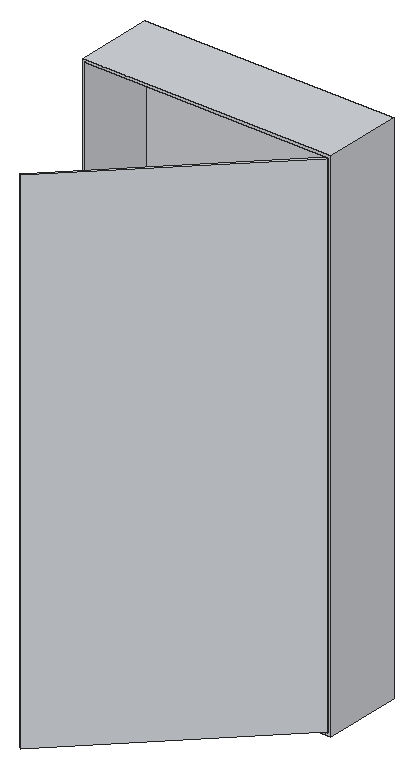
Revit family "Hager-Volta-IP30-Surface_mounted-leer-NoHosted-DE-de", category Electrical Equipment, Revit 2020
Family settings
  Panel Configuration = Two Columns, Circuits Across
  Round Connector Dimension = Use Diameter
  Part Type = Panelboard
  Work Plane-Based = Yes
  Always vertical = Yes
  Cut with Voids When Loaded = No
  Shared = No
  Room Calculation Point = No
Parameters (values of type "Aufputz IP30 B305 H640 T96.5 12 Teilungseinheiten - VA48WWH")
  Width Control [instance] = if([HG000006 - Unterputz], if([EF000846 - Einbaubreite] > min_whd, [EF000846 - Einbaubreite], min_whd), if([EF000008 - Breite] > min_whd, ([EF000008 - Breite]), min_whd))  # 305 mm
  Void Depth [instance] = if([EF000218 - Einbautiefe] > 1 mm, [EF000218 - Einbautiefe], 1 mm)  # 1 mm
  Type Comments = [HG000003 - Bereich]  # "Volta"
  System Height [instance] = Height Control - 2 * [HG000005 - Dicke]  # 634 mm
  Panel Name [instance] = ""  # (empty or 0)
  Offset [instance] = 0 mm
  Model = [HG000004 - Herstellerreferenz]  # "VA48WWH"
  Level Offset [instance] = [Flush Mounted - Door Frame Width] + Offset  # 0 mm
  HG000017 - Distanz zwischen den Polen = 18 mm
  HG000016 - 3D-Türsichtbarkeit [instance] = yes
  HG000015 - Sichtbarkeit der Türöffnung [instance] = no
  HG000014 - Tür rechts [instance] = yes
  HG000013 - Tür links [instance] = not([HG000014 - Tür rechts])  # no
  HG000012 - Türschwenkwinkel [instance] = 45.00°
  HG000011 - Leere Reihen von unten = no
  HG000010 - Asymmetrische Türen = no
  HG000009 - Doppelflügeligen Tür = no
  HG000008 - Anzahl der leeren Reihen = 0
  HG000007 - Anzahl der leeren Spalten = 0
  HG000006 - Unterputz = no
  HG000005 - Dicke = 3 mm  # constant formula
  HG000004 - Herstellerreferenz = "VA48WWH"
  HG000003 - Bereich = "Volta"
  HG000002 - Mit tür = yes
  HG000001 - Anzahl der Spalten = 0
  EF015941 - Signaldurchlassende Tür = no
  EF015777 - Neutralleiterklemmenblock = no
  EF015776 - Erdungsklemmenblock = no
  EF009212 - Ausführung Deckel = "EV009916 - mit Ausschnitt"
  EF006306 - Mit Schloss = no
  EF006244 - Transparenter Deckel/Tür = no
  EF005474 - Schutzart (IP) = "EV006410 - IP30"
  EF004462 - Art der Schließung = "EV000154 - sonstige"
  EF002950 - Breite in Teilungseinheiten = 12
  EF001596 - Werkstoff des Gehäuses = "EV000154 - sonstige"
  EF001134 - DIN-Schiene = yes
  EF001131 - Innentiefe = 92 mm
  EF001088 - Anbaumöglichkeit = yes
  EF001062 - EMV-Ausführung = no
  EF000846 - Einbaubreite = 0 mm
  EF000339 - Art der Abdeckung = "EV004216 - Tür"
  EF000332 - Einbauhöhe = 0 mm
  EF000266 - Anzahl der Reihen = 0
  EF000218 - Einbautiefe = 0 mm
  EF000118 - Mit Montageplatte = yes
  EF000116 - RAL-Nummer = "9010"
  EF000049 - Tiefe = 96 mm
  EF000040 - Höhe = 640 mm
  EF000008 - Breite = 305 mm
  EF000007 - Farbe = "EV000202 - weiß"
  EF000003 - Montageart = "EV000384 - Aufputz"
  Description = ""
  Default Elevation = 1219.2 mm
  Arrow Offset [instance] = Depth Control / 8  # 12 mm
  Arrow Height [instance] = Depth Control - Arrow Offset  # 84 mm
  Host Offset [instance] = if([HG000006 - Unterputz], 0 mm, [EF000049 - Tiefe])  # 96 mm
  min_whd [instance] = (2 * [HG000005 - Dicke]) + 1 mm  # 7 mm
  Manufacturer = "Hager"  # constant formula
  Height Control [instance] = if([HG000006 - Unterputz], if([EF000332 - Einbauhöhe] > min_whd, [EF000332 - Einbauhöhe], min_whd), if([EF000040 - Höhe] > min_whd, ([EF000040 - Höhe]), min_whd))  # 640 mm
  Flush Mounted - Door Frame Width [instance] = if(([EF000040 - Höhe] - [EF000332 - Einbauhöhe]) > 0 mm, if([HG000006 - Unterputz], [EF000040 - Höhe] - [EF000332 - Einbauhöhe], 0 mm), 0 mm)  # 0 mm
  Depth Control [instance] = if([HG000006 - Unterputz], if([EF000218 - Einbautiefe] > 0 mm, [EF000218 - Einbautiefe], 1 mm), if([EF000049 - Tiefe] > 0 mm, ([EF000049 - Tiefe]), 1 mm))  # 96 mm
Types (4, lengths in mm): name | System Height | Model | HG000004 - Herstellerreferenz | EF000040 - Höhe | Height Control
  Aufputz IP30 B305 H515 T96.5 12 Teilungseinheiten - VA36NW | 509 | "VA36NW" | "VA36NW" | 515 | 515
  Aufputz IP30 B305 H515 T96.5 12 Teilungseinheiten - VA36WWH | 509 | "VA36WWH" | "VA36WWH" | 515 | 515
  Aufputz IP30 B305 H640 T96.5 12 Teilungseinheiten - VA48NW | 634 | "VA48NW" | "VA48NW" | 640 | 640
  Aufputz IP30 B305 H640 T96.5 12 Teilungseinheiten - VA48WWH | 634 | "VA48WWH" | "VA48WWH" | 640 | 640
Reference planes
  plane 1 "Center (Front/Back)": y = 0
  plane 2: z = 0
  plane 3 "Center (Left/Right)": x = 0
  plane 4: y = 3
  plane 5: y = 0
  plane 6: y = 0
  plane 7: z = 0
  plane 8: x = -152.5
  plane 9: x = 152.5
  plane 10: x = 149.5
  plane 11: x = -149.5
  plane 12: z = 0
  plane 13: z = 3
  plane 14: y = -91
  plane 15: y = -96
  plane 16: y = -3
  plane 17: z = 637
  plane 18: z = 640
  plane 19: z = 320
  plane 20: x = 0
  plane 21: y = -100
Forms (mm)
  Extrusion 1, solid
    sketch origin (-208.679, -4572, 0) x (-1, 0, 0) y (0, -1, 0)
      loop
        line (-56.179, -4476) -> (-361.179, -4476) -> (-361.179, -4572) -> (-56.179, -4572) -> (-56.179, -4476)
    from 0 to 640 <- "Height Control"
  Extrusion 2, void
    sketch origin (-350.771, -96, 1219.2) x (1, 0, 0) y (0, 0, 1)
      loop
        line (201.271, -582.2) -> (201.271, -1216.2) -> (500.271, -1216.2) -> (500.271, -582.2) -> (201.271, -582.2)
    from 0 to -93
  Extrusion 3, solid, detail levels coarse+medium
    sketch origin (-350.771, -96, 1219.2) x (-1, 0, 0) y (0, 0, 1)
      loop
        line (-201.271, -582.2) -> (-500.271, -582.2) -> (-500.271, -1216.2) -> (-201.271, -1216.2) -> (-201.271, -582.2)
    from 0 to 3 <- "HG000005 - Dicke"
Cuts and joins
  Extrusion 2 cuts Extrusion 1
Dimensions and locks
  "Flush Mounted - Door Frame Width": plane 1 "Center (Front/Back)" to plane 6
  "HG000005 - Dicke": plane 4 to plane 6
  "HG000005 - Dicke": plane 8 to plane 11
  "HG000005 - Dicke": plane 9 to plane 10
  equal spacing: plane 8, plane 3 "Center (Left/Right)", plane 9
  "Width Control": plane 8 to plane 9
  locked: plane 14 to plane 15 at 5
  "Host Offset": plane 1 "Center (Front/Back)" to plane 15
  "Depth Control": plane 5 to plane 15
  "HG000005 - Dicke": plane 5 to plane 16
  "HG000005 - Dicke": plane 13 to plane 12
  "Level Offset": plane 12 to level
  "HG000005 - Dicke": plane 18 to plane 17
  "Height Control": plane 18 to plane 12
  "Arrow Offset": plane 5 to nested 4
  equal spacing: plane 18, plane 19, plane 12
  locked: connector elem to plane 19
  locked: connector elem to plane 3 "Center (Left/Right)"
  aligned and locked: nested 1 to plane 14
  aligned and locked: plane 3 "Center (Left/Right)" to nested 1
  aligned and locked: plane 3 "Center (Left/Right)" to nested 2
  aligned and locked: nested 2 to plane 15
  aligned and locked: plane 5 to Extrusion 1
  aligned and locked: Extrusion 3 sketch curve to plane 17
  aligned and locked: Extrusion 3 sketch curve to plane 11
  aligned and locked: plane 13 to Extrusion 3 sketch curve
  aligned and locked: Extrusion 3 sketch curve to plane 10
  aligned and locked: plane 13 to Extrusion 2 sketch curve
  aligned and locked: Extrusion 2 sketch curve to plane 10
  aligned and locked: Extrusion 2 sketch curve to plane 17
  aligned and locked: Extrusion 2 sketch curve to plane 11
  aligned and locked: plane 16 to Extrusion 2
  aligned and locked: plane 5 to Extrusion 1 sketch curve
  aligned and locked: plane 9 to Extrusion 1 sketch curve
  aligned and locked: plane 8 to Extrusion 1 sketch curve
  aligned and locked: plane 8 to nested 4
  aligned and locked: plane 8 to nested 3
  aligned and locked: nested 3 to plane 5
  aligned and locked: Extrusion 1 sketch curve to plane 15
  aligned and locked: Extrusion 2 to plane 15
Nested families
  nested 1: "Hager_Enclosure_System" at (0, -91, 3), Flush_Mounted <- "HG000006 - Unterputz", Width <- "EF000008 - Breite", Height <- "System Height", Width_Control <- "Width Control", Row_Module_Multiplicator <- "EF002950 - Breite in Teilungseinheiten", Empty_Columns <- "HG000007 - Anzahl der leeren Spalten", Built-in_Width <- "EF000846 - Einbaubreite", Border <- "HG000005 - Dicke", Total_No_Empty_Rows <- "HG000008 - Anzahl der leeren Reihen", Depth <- "HG000005 - Dicke", Empty_Rows_From_Bottom <- "HG000011 - Leere Reihen von unten", Distance_Between_Poles <- "HG000017 - Distanz zwischen den Polen", Rows_Count <- "EF000266 - Anzahl der Reihen", Columns_Count <- "HG000001 - Anzahl der Spalten", type "Hager_Enclosure_System", detail levels medium+fine
    with Width_Control 305 mm, Width 305 mm, Total_No_Rows 0, Total_No_Empty_Rows 0, Total_No_Columns 1, System_Width 299 mm, Rows_Count 0, Rows_Column 0, Row_Module_Multiplicator 12, Panel_4 no, Panel_3 no, Panel_2 no, Panel_1 no, No_Panels_Ctrl 1, Hide_Columns yes, Height 634 mm, Flush_Mounted no, Empty_Rows_From_Bottom no, Empty_Rows_Column 0, Empty_Columns 0, Distance_Between_Poles 18 mm, Depth 3 mm, Columns_Count 0, Column_Width 299 mm, Built-in_Width 0 mm, Border 3 mm
  nested 2: "Hager_Enclosure_Door" at (0, -96, 0), Double <- "HG000009 - Doppelflügeligen Tür", Height_Ctrl <- "Height Control", Transparent <- "EF006244 - Transparenter Deckel/Tür", Depth <- "EF000049 - Tiefe", Height <- "EF000040 - Höhe", Angle <- "HG000012 - Türschwenkwinkel", Door_Right <- "HG000014 - Tür rechts", Assymetrical <- "HG000010 - Asymmetrische Türen", Flush_Mounted <- "HG000006 - Unterputz", BuiltIn_Depth <- "EF000218 - Einbautiefe", BuiltIn_Width <- "EF000846 - Einbaubreite", Door <- "HG000002 - Mit tür", Width_Ctrl <- "Width Control", 3d_Door <- "HG000016 - 3D-Türsichtbarkeit", Width <- "EF000008 - Breite", Border <- "HG000005 - Dicke", BuiltIn_Height <- "EF000332 - Einbauhöhe", Clearance <- "HG000015 - Sichtbarkeit der Türöffnung", Door_Left <- "HG000013 - Tür links", type "Hager_Enclosure_Door", detail levels medium+fine
    with min_wh 7 mm, Width_Ctrl 305 mm, Width 305 mm, Transparent_Door_No_Bottom_Border no, Transparent no, Leaf_Width 296 mm, Leaf_Tolerance 1.5 mm, Leaf_Height 631 mm, Leaf_2_Width 296 mm, Leaf_2_Offset 148 mm, Leaf_1_Width 296 mm, Leaf_1_Offset 148 mm, Height_Ctrl 640 mm, Height 640 mm, Frame_Width_Ctrl 305 mm, Frame_Width 305 mm, Frame_Internal_Offset 0 mm, Frame_Height_Ctrl 640 mm, Frame_Height 640 mm, Frame_Depth_Ctrl 1 mm, Frame_Depth 0 mm, Flush_Mounted no, Double_Clearance_Ctrl no, Double no, Door_Right_Ctrl yes, Door_Right yes, Door_Left_Ctrl no, Door_Left no, Door yes, Depth 96 mm, Clearance_Depth 296 mm, Clearance_Ctrl no, Clearance no, BuiltIn_Width 0 mm, BuiltIn_Height 0 mm, BuiltIn_Depth 0 mm, Border 3 mm, Assymetrical no, Angle 45.00°, 3d_Door yes
  nested 3: "Hager_Enclosure_Symbol_Triangle" at (-152.5, 0, 0), Depth <- "Depth Control", Width <- "Width Control", type "Hager_Enclosure_Symbol_Triangle"
    with Width_Ctrl 305 mm, Width 305 mm, Depth_Ctrl 96 mm, Depth 96 mm
  nested 4: "Hager_Enclosure_Symbol_Arrow" at (-152.5, -12, 0), Height <- "Arrow Height", type "Hager_Enclosure_Symbol_Arrow"
    with Width_Inside 6.3 mm, Width 75.6 mm, Height_Ctrl 84 mm, Height 84 mm
Connectors
  electrical at (0, 0, 320)
    settings: on plane 5, index 1, voltage 0 V, apparent load 0 VA, apparent load phase1 0 VA, apparent load phase2 0 VA, apparent load phase3 0 VA, power factor 1, load classification "Other", number of poles 1, system type 30, power factor state 1, is connector primary yes, connector utility no, sub classification motor no, connector description ""
Definition of nested family "Hager_Enclosure_Door"
  Parameters (values of type "Hager_Enclosure_Door")
    min_wh [instance] = (2 * Border) + 1 mm  # 11 mm
    Width_Ctrl [instance] = 400 mm
    Width [instance] = 500 mm
    Transparent_Door_No_Bottom_Border [instance] = no
    Transparent [instance] = yes
    Leaf_Width [instance] = if((Width_Ctrl - 2 * Border - 2 * Leaf_Tolerance) > 0 mm, (Width_Ctrl - 2 * Border - 2 * Leaf_Tolerance), min_wh)  # 387 mm
    Leaf_Tolerance [instance] = 1.5 mm  # constant formula
    Leaf_Height [instance] = if((Height_Ctrl - 2 * Border - 2 * Leaf_Tolerance) > 0 mm, (Height_Ctrl - 2 * Border - 2 * Leaf_Tolerance), min_wh)  # 387 mm
    Leaf_2_Width [instance] = if(and(and(Double, Assymetrical), Door_Left), (Leaf_Width / 3) - (Leaf_Tolerance / 2), if(and(and(Double, Assymetrical), Door_Right), (Leaf_Width / 3) * 2 - (Leaf_Tolerance / 2), if(and(Double, not(Assymetrical)), (Leaf_Width / 2) - Leaf_Tolerance, Leaf_Width)))  # 387 mm
    Leaf_2_Offset [instance] = if(and(Double, Assymetrical), Leaf_2_Width / 2, if(and(Double, not(Assymetrical)), Leaf_Width / 4, Leaf_Width / 2))  # 193.5 mm
    Leaf_1_Width [instance] = if(and(and(Double, Assymetrical), Door_Right), (Leaf_Width / 3) - (Leaf_Tolerance / 2), if(and(and(Double, Assymetrical), Door_Left), (Width / 3) * 2 - (Leaf_Tolerance / 2), if(and(Double, not(Assymetrical)), (Leaf_Width / 2) - Leaf_Tolerance, Leaf_Width)))  # 387 mm
    Leaf_1_Offset [instance] = if(and(Double, Assymetrical), Leaf_1_Width / 2, if(and(Double, not(Assymetrical)), Leaf_Width / 4, Leaf_Width / 2))  # 193.5 mm
    Height_Ctrl [instance] = 400 mm
    Height [instance] = 500 mm
    Frame_Width_Ctrl [instance] = if(Frame_Width > 0 mm, Frame_Width, 1 mm)  # 1 mm
    Frame_Width [instance] = Width - BuiltIn_Width  # 0 mm
    Frame_Internal_Offset [instance] = if(Flush_Mounted, Border, 0 mm)  # 5 mm
    Frame_Height_Ctrl [instance] = if(Frame_Height > 0 mm, Frame_Height, 1 mm)  # 1 mm
    Frame_Height [instance] = Height - BuiltIn_Height  # 0 mm
    Frame_Depth_Ctrl [instance] = if(Frame_Depth > 0 mm, Frame_Depth, 1 mm)  # 1 mm
    Frame_Depth [instance] = if(Depth - BuiltIn_Depth > 0 mm, if(Flush_Mounted, Depth - BuiltIn_Depth, 0 mm), 0 mm)  # 0 mm
    Flush_Mounted [instance] = yes
    Double_Clearance_Ctrl [instance] = and(Double, Clearance)  # no
    Double [instance] = no
    Door_Right_Ctrl [instance] = and(or(Door_Right, Double), Door)  # yes
    Door_Right [instance] = yes
    Door_Left_Ctrl [instance] = and(or(Door_Left, Double), Door)  # no
    Door_Left [instance] = no
    Door [instance] = yes
    Depth [instance] = 500 mm
    Default Elevation = 1219.2 mm
    Clearance_Material = none
    Clearance_Depth [instance] = if(Leaf_1_Width > Leaf_2_Width, Leaf_1_Width, Leaf_2_Width)  # 387 mm
    Clearance_Ctrl [instance] = and(not(Double), Clearance)  # yes
    Clearance [instance] = yes
    BuiltIn_Width [instance] = 500 mm
    BuiltIn_Height [instance] = 500 mm
    BuiltIn_Depth [instance] = 500 mm
    Border [instance] = 5 mm
    Assymetrical [instance] = yes
    Angle [instance] = 30.00°
    3d_Door [instance] = yes
  Reference planes
    plane 1 "Center (Front/Back)": y = 0
    plane 2 "Bottom": z = 0
    plane 3 "Center (Left/Right)": x = 0
    plane 4: z = 400
    plane 5: x = -200
    plane 6: x = 200
    plane 7: z = 395
    plane 8: x = -195
    plane 9: z = 5
    plane 10: x = 195
    plane 11: y = 0
    plane 12: z = 6.5
    plane 13: x = -582
    plane 14: y = -387
    plane 15: x = 582
    plane 16: x = 0
    plane 17: x = 0
    plane 18: x = -193.5
    plane 19: x = 193.5
    plane 20: z = 393.5
  Forms (mm)
    Extrusion 1, solid, visible <- "Flush_Mounted"
      sketch origin (0, 0, 0) x (1, 0, 0) y (0, 0, 1)
        loop
          line (195, 5) -> (195, 395) -> (-195, 395) -> (-195, 5) -> (195, 5)
        loop
          line (-201, 401) -> (-201, -1) -> (201, -1) -> (201, 401) -> (-201, 401)
      from 0 to 1 <- "Frame_Depth_Ctrl"
    Extrusion 2, solid, material <- "Clearance_Material", visible <- "Double_Clearance_Ctrl"
      sketch origin (1200, 0, 0) x (1, 0, 0) y (0, 0, -1)
        loop
          line (-1782, -393.5) -> (-618, -393.5) -> (-618, 0) -> (-1782, 0) -> (-1782, -393.5)
      from 0 to -387
  Dimensions and locks
    equal spacing: plane 5, plane 3 "Center (Left/Right)", plane 6
    "Width_Ctrl": plane 5 to plane 6
    "Border": plane 5 to plane 8
    "Border": plane 6 to plane 10
    "Border": plane 9 to level
    "Border": plane 4 to plane 7
    "Height_Ctrl": plane 4 to level
    "Leaf_Tolerance": plane 12 to plane 9
    "Frame_Depth": plane 11 to plane 1 "Center (Front/Back)"
    "Frame_Width_Ctrl": plane 5 to Extrusion 1 sketch curve
    "Frame_Width_Ctrl": plane 6 to Extrusion 1 sketch curve
    "Frame_Width_Ctrl": Extrusion 1 sketch curve to plane 4
    "Frame_Width_Ctrl": plane 2 "Bottom" to Extrusion 1 sketch curve
    "Leaf_1_Offset": plane 18 to plane 16
    "Leaf_2_Offset": plane 17 to plane 19
    "Leaf_1_Width": plane 13 to plane 8
    "Leaf_2_Width": plane 10 to plane 15
    "Clearance_Depth": plane 14 to plane 1 "Center (Front/Back)"
    "Leaf_Tolerance": plane 8 to plane 18
    "Leaf_Tolerance": plane 19 to plane 10
    "Leaf_Tolerance": plane 7 to plane 20
    "Frame_Internal_Offset": plane 5 to Extrusion 1 sketch curve
    "Frame_Internal_Offset": Extrusion 1 sketch curve to plane 2 "Bottom"
    "Frame_Internal_Offset": plane 6 to Extrusion 1 sketch curve
    "Frame_Internal_Offset": plane 4 to Extrusion 1 sketch curve
    aligned and locked: level to plane 2 "Bottom"
    aligned and locked: nested 1 to plane 16
    aligned and locked: nested 2 to plane 17
    aligned and locked: Extrusion 2 to plane 13
    aligned and locked: plane 15 to Extrusion 2
    aligned and locked: Extrusion 2 to plane 14
    aligned and locked: plane 12 to nested 1
    aligned and locked: nested 2 to plane 12
    aligned and locked: Extrusion 2 to plane 11
    aligned and locked: plane 20 to Extrusion 2
    aligned and locked: nested 2 to plane 11
    aligned and locked: nested 1 to plane 11
  Automatic sketch dimensions
    Extrusion 2 sketch curve to level = 0 mm
    plane 5 to Extrusion 2 sketch curve = 382 mm
    plane 6 to Extrusion 2 sketch curve = 382 mm
    Extrusion 2 sketch curve to plane 4 = 6.5 mm
  Nested families
    nested 1: "Hager_Enclosure_Door_Leaf" at (0, 0, 6.5), Width <- "Leaf_1_Width", visible <- "Door_Left_Ctrl", Leaf_Height <- "Leaf_Height", Angle <- "Angle", Depth <- "Border", 3d_Door <- "3d_Door", Transparent <- "Transparent", Clearance Material <- "Clearance_Material", Clearance <- "Clearance_Ctrl", Transparent_Door_No_Bottom_Border <- "Transparent_Door_No_Bottom_Border", type "Hager_Enclosure_Door_Leaf"
      with Width 387 mm, Transparent_Door_No_Bottom_Border no, Transparent_Door_Border_Bottom_Top 25 mm, Transparent_Door_Border 25 mm, Transparent_Ctrl yes, Transparent yes, Standard no, Leaf_Height 387 mm, Glass_Offset 1 mm, Depth 5 mm, Clearance Material none, Clearance yes, Angle_Ctrl 30.00°, Angle 30.00°, 3d_Door yes
    nested 2: "Hager_Enclosure_Door_Leaf" at (0, 0, 6.5) x (-1, 0, 0) z (0, 0, 1), Width <- "Leaf_2_Width", visible <- "Door_Right_Ctrl", Leaf_Height <- "Leaf_Height", Angle <- "Angle", Depth <- "Border", 3d_Door <- "3d_Door", Transparent <- "Transparent", Clearance Material <- "Clearance_Material", Clearance <- "Clearance_Ctrl", Transparent_Door_No_Bottom_Border <- "Transparent_Door_No_Bottom_Border", type "Hager_Enclosure_Door_Leaf"
      with Width 387 mm, Transparent_Door_No_Bottom_Border no, Transparent_Door_Border_Bottom_Top 25 mm, Transparent_Door_Border 25 mm, Transparent_Ctrl yes, Transparent yes, Standard no, Leaf_Height 387 mm, Glass_Offset 1 mm, Depth 5 mm, Clearance Material none, Clearance yes, Angle_Ctrl 30.00°, Angle 30.00°, 3d_Door yes
  Definition of nested family "Hager_Enclosure_Door_Leaf"
    Parameters (values of type "Hager_Enclosure_Door_Leaf")
      Width [instance] = 2000 mm
      Transparent_Door_No_Bottom_Border [instance] = yes
      Transparent_Door_Border_Bottom_Top [instance] = if(Transparent_Door_No_Bottom_Border, 0.1 mm, Transparent_Door_Border)  # 0.1 mm
      Transparent_Door_Border [instance] = if(Transparent_Door_No_Bottom_Border, (Width * 0.12), 25 mm)  # 240 mm
      Transparent_Ctrl [instance] = and(Transparent, [3d_Door])  # yes
      Transparent [instance] = yes
      Standard [instance] = and(not(Transparent), [3d_Door])  # no
      Leaf_Height [instance] = 2720.336 mm
      Glass_Offset [instance] = if((Depth - 10 mm) / 2 > 0 mm, (Depth - 10 mm) / 2, 1 mm)  # 15 mm
      Glass_Material = none
      Depth [instance] = 40 mm
      Default Elevation = 0 mm
      Clearance Material [instance] = none
      Clearance [instance] = yes
      Angle_Ctrl [instance] = if(Angle > 170.00°, 170.00°, Angle)  # 45.00°
      Angle [instance] = 45.00°
      3d_Door [instance] = yes
    Reference planes
      plane 1 "Center (Front/Back)": y = 0
      plane 2: z = 0
      plane 3 "Center (Left/Right)": x = 0
      plane 4: y = 2000
      plane 5: x = -1000
      plane 6: x = 1000
      plane 7: x = -3000
      plane 8: z = 2720.336
      plane 9: z = 0.1
      plane 10: z = 2720.236
      plane 11: x = 760
      plane 12: x = -760
    Forms (mm)
      Extrusion 1, solid, material <- "Clearance Material", visible <- "Clearance"
        sketch origin (0, 0, 0) x (1, 0, 0) y (0, 0, 1)
          loop
            line (-3000, 2720.336) -> (-3000, 0) -> (1000, 0) -> (1000, 2720.336) -> (-3000, 2720.336)
        from 0 to -2000
      Extrusion 2, solid, visible <- "Standard", detail levels medium+fine
        sketch origin (-1000, 0, 0) x (0.707107, 0.707107, 0) y (-0.707107, 0.707107, 0)
          loop
            line (0, -40) -> (2000, -40) -> (2000, 0) -> (0, 0) -> (0, -40)
        from 0 to 2720.336 <- "Leaf_Height"
      Extrusion 3, solid, visible <- "Transparent_Ctrl", detail levels medium+fine
        sketch origin (-1000, 0, 0) x (0.707107, 0.707107, 0) y (-0.707107, 0.707107, 0)
          loop
            line (0, -40) -> (2000, -40) -> (2000, 0) -> (0, 0) -> (0, -40)
        from 0 to 2720.336 <- "Leaf_Height"
      Extrusion 4, void, detail levels medium+fine
        sketch origin (-1000, 0, 0) x (-0.707107, 0.707107, 0) y (0.707107, 0.707107, 0)
          loop
            line (0, 240) -> (0, 1760) -> (-40, 1760) -> (-40, 240) -> (0, 240)
        from -2720.236 to -0.1
      Extrusion 5, solid, material <- "Glass_Material", visible <- "Transparent_Ctrl", detail levels medium+fine
        sketch origin (-1000, 0, 0) x (0.707107, 0.707107, 0) y (-0.707107, 0.707107, 0)
          loop
            line (240, -15) -> (240, -25) -> (1760, -25) -> (1760, -15) -> (240, -15)
        from 0.1 to 2720.236
    Cuts and joins
      Extrusion 4 cuts Extrusion 3
    Lines and regions (mm)
      symbolic lines
        curve 1: line (1000, 0, 0) -> (-3000, 0, 0)
        curve 2: arc (1000, 0, 0) -> (-1000, 2000, 0) -> (-3000, 0, 0) r 2000
        curve 4: line (-1000, 0, 0) -> (414.214, 1414.214, 0)
      reference lines
        curve 3: line (-1000, 0, 0) -> (414.214, 1414.214, 0)
      symbolic lines, detail levels medium+fine
        curve 5: line (414.214, 1414.214, 0) -> (442.498, 1385.929, 0)
        curve 6: line (442.498, 1385.929, 0) -> (-971.716, -28.284, 0)
        curve 7: line (-971.716, -28.284, 0) -> (-1000, 0, 0)
        curve 8: line (-1000, 0, 2720.336) -> (1000, 0, 2720.336)
        curve 9: line (-1000, 0, 0) -> (-1000, 0, 2720.336)
        curve 10: line (1000, 0, 0) -> (-1000, 0, 0)
        curve 11: line (1000, 0, 2720.336) -> (1000, 0, 0)
      symbolic lines, visible <- "Transparent_Ctrl", detail levels medium+fine
        curve 12: line (-760, 0, 2720.236) -> (760, 0, 2720.236)
        curve 13: line (-760, 0, 0.1) -> (-760, 0, 2720.236)
        curve 14: line (760, 0, 0.1) -> (-760, 0, 0.1)
        curve 15: line (760, 0, 2720.236) -> (760, 0, 0.1)
    Dimensions and locks
      "Width": plane 1 "Center (Front/Back)" to plane 4
      equal spacing: plane 5, plane 3 "Center (Left/Right)", plane 6
      "Width": plane 5 to plane 6
      "Width": plane 7 to plane 5
      "Leaf_Height": plane 8 to level
      "Depth": curve 6 to curve 3
      "Width": curve 5 to curve 3
      "Width": curve 3 to curve 3
      "Transparent_Door_Border": Extrusion 4 sketch curve to curve 7
      "Transparent_Door_Border": Extrusion 4 sketch curve to curve 5
      "Transparent_Door_Border_Bottom_Top": plane 8 to plane 10
      "Transparent_Door_Border_Bottom_Top": plane 9 to level
      "Glass_Offset": Extrusion 5 sketch curve to curve 4
      "Glass_Offset": Extrusion 5 sketch curve to curve 6
      "Transparent_Door_Border": Extrusion 5 sketch curve to curve 5
      "Transparent_Door_Border": Extrusion 5 sketch curve to curve 7
      "Transparent_Door_Border": plane 12 to plane 5
      "Transparent_Door_Border": plane 6 to plane 11
      "Angle_Ctrl": angle plane 1 "Center (Front/Back)" to curve 3
      aligned and locked: level to plane 2
      aligned and locked: Extrusion 1 to curve 1
      aligned and locked: plane 6 to Extrusion 1
      aligned and locked: Extrusion 1 to plane 1 "Center (Front/Back)"
      aligned and locked: plane 4 to Extrusion 1
      aligned and locked: plane 8 to Extrusion 1
      aligned and locked: curve 4 to curve 3
      aligned and locked: Extrusion 2 sketch curve to curve 7
      aligned and locked: Extrusion 2 sketch curve to curve 6
      aligned and locked: Extrusion 2 sketch curve to curve 5
      aligned and locked: Extrusion 2 sketch curve to curve 3
      aligned and locked: curve 7 to Extrusion 3 sketch curve
      aligned and locked: Extrusion 3 sketch curve to curve 4
      aligned and locked: Extrusion 3 sketch curve to curve 6
      aligned and locked: Extrusion 3 sketch curve to curve 5
      aligned and locked: curve 4 to Extrusion 4 sketch curve
      aligned and locked: curve 6 to Extrusion 4 sketch curve
      aligned and locked: Extrusion 4 to plane 9
      aligned and locked: Extrusion 4 to plane 10
      aligned and locked: Extrusion 5 to plane 9
      aligned and locked: Extrusion 5 to plane 10
      aligned and locked: curve 8 to plane 8
      aligned and locked: plane 5 to curve 9
      aligned and locked: plane 2 to curve 10
      aligned and locked: curve 11 to plane 6
      aligned and locked: plane 10 to curve 12
      aligned and locked: plane 12 to curve 13
      aligned and locked: curve 14 to plane 9
      aligned and locked: plane 11 to curve 15
    Automatic sketch dimensions
      plane 1 "Center (Front/Back)" to curve 2 = 0 mm
      curve 2 to plane 5 = 0 mm
      Extrusion 1 sketch curve to level = 0 mm
      Extrusion 1 sketch curve to plane 7 = 0 mm
      Extrusion 1 sketch curve to plane 6 = 0 mm
      Extrusion 1 sketch curve to plane 8 = 0 mm
      plane 1 "Center (Front/Back)" to curve 3 = 0 mm
      curve 3 to plane 5 = 0 mm
      curve 7 to curve 3 = 0 mm
Definition of nested family "Hager_Enclosure_Symbol_Triangle"
  Parameters (values of type "Hager_Enclosure_Symbol_Triangle")
    Width_Ctrl [instance] = if(Width > 1 mm, Width, 1 mm)  # 498 mm
    Width [instance] = 498 mm
    Depth_Ctrl [instance] = if(Depth > 1 mm, Depth, 1 mm)  # 72 mm
    Depth [instance] = 72 mm
  Reference planes
    plane 1 "Centre (avant/arrière)": y = 0
    plane 2: z = 0
    plane 3 "Centre (gauche/droite)": x = 0
  Lines and regions (mm)
    Filled region 1, type "Solid_Black", in view "Niveau de réf."
      outline origin (0, 0, 0) x (1, 0, 0) y (0, 1, 0)
        loop
          line (0, 0) -> (498, 0) -> (498, 72) -> (0, 0)
    reference lines, in view "Niveau de réf."
      curve 1: line (-206.153, 72, 0) -> (1083.258, 72, 0)
      curve 2: line (498, 405.456, 0) -> (498, -517.619, 0)
  Dimensions and locks
    "Depth_Ctrl": plane 1 "Centre (avant/arrière)" to curve 1
    "Width_Ctrl": plane 3 "Centre (gauche/droite)" to curve 2
    aligned and locked: curve 1 to Filled region 1 sketch curve
    aligned and locked: Filled region 1 sketch curve to plane 1 "Centre (avant/arrière)"
    aligned and locked: curve 2 to Filled region 1 sketch curve
    aligned and locked: plane 3 "Centre (gauche/droite)" to Filled region 1 sketch curve
    aligned and locked: plane 1 "Centre (avant/arrière)" to Filled region 1 sketch curve
  Automatic sketch dimensions
    curve 1 to plane 3 "Centre (gauche/droite)" = 206.153 mm
    curve 2 to curve 1 = 585.258 mm
    plane 1 "Centre (avant/arrière)" to curve 2 = 517.619 mm
    curve 2 to plane 1 "Centre (avant/arrière)" = 405.456 mm
Definition of nested family "Hager_Enclosure_Symbol_Arrow"
  Parameters (values of type "Hager_Enclosure_Symbol_Arrow")
    Width_Inside [instance] = if(Width / 12 > 2 mm, Width / 12, 2 mm)  # 4.987 mm
    Width [instance] = if(Height_Ctrl * 0.9 > 2 mm, Height_Ctrl * 0.9, 2 mm)  # 59.85 mm
    Height_Ctrl [instance] = if(Height > 2 mm, Height, 2 mm)  # 66.5 mm
    Height [instance] = 66.5 mm
  Reference planes
    plane 1 "Centre (avant/arrière)": y = 0
    plane 2: z = 0
    plane 3 "Centre (gauche/droite)": x = 0
    plane 4: x = 59.85
    plane 5: y = 28.263
    plane 6: y = 38.238
    plane 7: y = 66.5
    plane 8: x = 29.925
    plane 9: y = 33.25
  Lines and regions (mm)
    Filled region 1, type "Solid_Black", in view "Niveau de réf."
      outline origin (0, 0, 0) x (1, 0, 0) y (0, 1, 0)
        loop
          line (59.85, 66.5) -> (37.929, 52.827) -> (51.846, 41.935) -> (59.85, 66.5)
    detail lines, in view "Niveau de réf."
      curve 1: line (0, 0, 0) -> (29.925, 38.238, 0)
      curve 2: line (29.925, 38.238, 0) -> (29.925, 28.263, 0)
      curve 3: line (29.925, 28.263, 0) -> (59.85, 66.5, 0)
  Dimensions and locks
    "Width": plane 3 "Centre (gauche/droite)" to plane 4
    "Height_Ctrl": plane 7 to plane 1 "Centre (avant/arrière)"
    equal spacing: plane 3 "Centre (gauche/droite)", plane 8, plane 4
    equal spacing: plane 7, plane 9, plane 1 "Centre (avant/arrière)"
    equal spacing: plane 6, plane 9, plane 5
    "Width_Inside": plane 6 to plane 9
    equal spacing: curve 3, Filled region 1 sketch curve, Filled region 1 sketch curve
    angle Filled region 1 sketch curve to curve 3 = 20.00°
    angle curve 3 to Filled region 1 sketch curve = 20.00°
    locked: curve 3 to Filled region 1 sketch curve (angle 90.00°)
  Automatic sketch dimensions
    plane 1 "Centre (avant/arrière)" to curve 1 = 0 mm
    curve 1 to plane 3 "Centre (gauche/droite)" = 0 mm
    curve 2 to plane 6 = 0 mm
    curve 3 to plane 8 = 0 mm
    curve 3 to plane 4 = 0 mm
    curve 2 to plane 5 = 0 mm
    curve 3 to plane 7 = 0 mm
    Filled region 1 sketch curve to plane 4 = 0 mm
    Filled region 1 sketch curve to plane 7 = 0 mm
